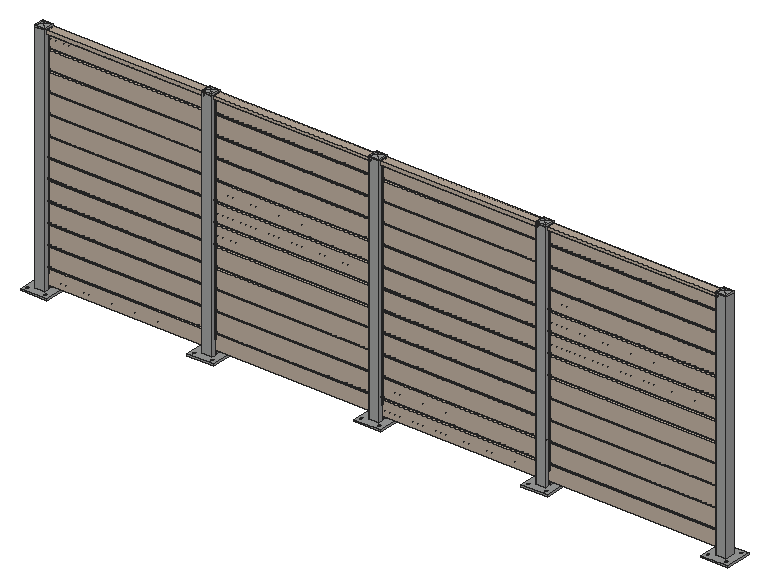
Revit family "Palmshield-Mercury-Solid-Aluminum-Array", category Specialty Equipment, Revit 2024 (continued)
Definition of nested family "Nested-Square_Post-Palmshield-Mercury_Economic-Solid-Vinyl"
  Forms (in)
    Extrusion 4, solid, material <- "Material", visible <- "End Post"
      sketch origin (0, 0, 0) x (1, 0, 0) y (0, 1, 0)
        loop
          line (1.4375, 1.4375) -> (-1.4375, 1.4375) -> (-1.4375, 0.5625) -> (-0.9375, 0.5625) -> (-0.9375, -0.5625) -> (-1.4375, -0.5625) -> (-1.4375, -1.4375) -> (1.4375, -1.4375) -> (1.4375, 1.4375)
      from 0 to 52.86713
    Extrusion 5, void
      sketch origin (0, 0, 0) x (1, 0, 0) y (0, 1, 0)
        loop
          line (-1.5, 1.5) -> (-1.5, -1.5) -> (1.5, -1.5) -> (1.5, 1.5) -> (-1.5, 1.5)
        loop
          line (-2.25, 2.25) -> (-2.25, -2.25) -> (2.25, -2.25) -> (2.25, 2.25) -> (-2.25, 2.25)
      from -0.5 to 4.5
    Extrusion 6, solid, material <- "Material", visible <- "Corner Post Down"
      sketch origin (0, 0, 0) x (1, 0, 0) y (0, 1, 0)
        loop
          line (1.5, -1.5) -> (1.5, 1.5) -> (-1.5, 1.5) -> (-1.5, 0.5625) -> (-2, 0.5625) -> (-2, 0.5) -> (-1, 0.5) -> (-1, -0.5) -> (-2, -0.5) -> (-2, -0.5625) -> (-1.5, -0.5625) -> (-1.5, -1.5) -> (-0.5625, -1.5) -> (-0.5625, -2) -> (-0.5, -2) -> (-0.5, -1) -> (0.5, -1) -> (0.5, -2) -> (0.5625, -2) -> (0.5625, -1.5) -> (1.5, -1.5)
        loop
          line (-1.4375, -1.4375) -> (-0.5625, -1.4375) -> (-0.5625, -0.9375) -> (0.5625, -0.9375) -> (0.5625, -1.4375) -> (1.4375, -1.4375) -> (1.4375, 1.4375) -> (-1.4375, 1.4375) -> (-1.4375, 0.5625) -> (-0.9375, 0.5625) -> (-0.9375, -0.5625) -> (-1.4375, -0.5625) -> (-1.4375, -1.4375)
      from 0 to 52.86713
  Cuts and joins
    Extrusion 5 cuts Extrusion 3
    Extrusion 5 cuts Extrusion 2
    Extrusion 5 cuts Extrusion 4
    Extrusion 5 cuts Extrusion 6
  Lines and regions (in)
    reference lines
      curve 1: line (-3.81017, 0, -0.5) -> (3.68983, 0, -0.5)
      curve 2: line (-3.81017, 0, 4.5) -> (3.68983, 0, 4.5)
  Dimensions and locks (in)
    "Length": plane 4 to plane 2
    locked: plane 4 to plane 5 at 3
    locked: plane 2 to curve 1 at 0.5
    locked: curve 2 to curve 1 at 5
    aligned and locked: plane 2 to Extrusion 1
    aligned and locked: level to Extrusion 1
    aligned and locked: plane 4 to Extrusion 2
    aligned and locked: plane 4 to Extrusion 3
    aligned and locked: plane 4 to Extrusion 4
    aligned and locked: curve 1 to Extrusion 5
    aligned and locked: Extrusion 5 to curve 2
    aligned and locked: plane 4 to Extrusion 6
    aligned and locked: Extrusion 6 to plane 2
  Automatic sketch dimensions
    Extrusion 1 sketch curve to Extrusion 1 sketch curve = 8' - 0"  (x2)
    curve 2 to plane 6 = 0' - 2.31017"
    curve 1 to plane 6 = 0' - 2.31017"
    plane 7 to curve 2 = 0' - 2.18983"
    plane 7 to curve 1 = 0' - 2.18983"
    Extrusion 2 sketch curve to plane 6 = 0' - 0"  (x2)
    Extrusion 2 sketch curve to plane 7 = 0' - 0"  (x2)
    Extrusion 2 sketch curve to plane 9 = 0' - 0"
    Extrusion 2 sketch curve to plane 8 = 0' - 0"
    Extrusion 2 sketch curve to plane 6 = 0' - 0 1/2"  (x2)
    Extrusion 2 sketch curve to Extrusion 2 sketch curve = 0' - 0 1/16"  (x7)
    plane 6 to Extrusion 2 sketch curve = 0' - 0 1/16"
    Extrusion 2 sketch curve to Extrusion 2 sketch curve = 0' - 0 7/16"
    Extrusion 2 sketch curve to plane 7 = 0' - 0 9/16"
    Extrusion 2 sketch curve to plane 7 = 0' - 0 1/16"  (x2)
    plane 7 to Extrusion 2 sketch curve = 0' - 0 1/2"  (x2)
    plane 9 to Extrusion 2 sketch curve = 0' - 0 1/16"
    plane 1 "Center (Front/Back)" to Extrusion 2 sketch curve = 0' - 0 9/16"  (x4)
    Extrusion 2 sketch curve to plane 1 "Center (Front/Back)" = 0' - 0 1/2"  (x2)
    Extrusion 2 sketch curve to Extrusion 2 sketch curve = 0' - 0"  (x2)
    Extrusion 2 sketch curve to plane 8 = 0' - 0 1/16"
    Extrusion 3 sketch curve to plane 6 = 0' - 0"  (x2)
    Extrusion 3 sketch curve to plane 8 = 0' - 0"  (x2)
    Extrusion 3 sketch curve to plane 7 = 0' - 0"
    Extrusion 3 sketch curve to plane 9 = 0' - 0"
    Extrusion 3 sketch curve to plane 6 = 0' - 0 1/2"
    Extrusion 3 sketch curve to Extrusion 3 sketch curve = 0' - 0 1/2"
    plane 6 to Extrusion 3 sketch curve = 0' - 0 1/16"  (x2)
    Extrusion 3 sketch curve to Extrusion 3 sketch curve = 0' - 0 7/16"
    Extrusion 3 sketch curve to Extrusion 3 sketch curve = 0' - 0 1/16"  (x9)
    Extrusion 3 sketch curve to plane 3 "Center (Left/Right)" = 0' - 0 9/16"
    Extrusion 3 sketch curve to Extrusion 3 sketch curve = 0' - 0 3/8"  (x2)
    plane 3 "Center (Left/Right)" to Extrusion 3 sketch curve = 0' - 0 1/2"
    Extrusion 3 sketch curve to plane 8 = 0' - 0 1/16"
    Extrusion 3 sketch curve to plane 7 = 0' - 0 1/16"
    plane 9 to Extrusion 3 sketch curve = 0' - 0 1/16"
    plane 1 "Center (Front/Back)" to Extrusion 3 sketch curve = 0' - 0 9/16"
    Extrusion 3 sketch curve to Extrusion 3 sketch curve = 0' - 0"
    Extrusion 3 sketch curve to plane 1 "Center (Front/Back)" = 0' - 0 1/2"
    plane 8 to Extrusion 3 sketch curve = 0' - 0 1/2"  (x2)
    Extrusion 4 sketch curve to plane 6 = 0' - 0"  (x2)
    Extrusion 4 sketch curve to plane 7 = 0' - 0"
    Extrusion 4 sketch curve to plane 9 = 0' - 0"
    Extrusion 4 sketch curve to plane 8 = 0' - 0"
    Extrusion 4 sketch curve to Extrusion 4 sketch curve = 0' - 0 1/2"
    Extrusion 4 sketch curve to plane 6 = 0' - 0 1/2"
    plane 6 to Extrusion 4 sketch curve = 0' - 0 1/16"  (x2)
    Extrusion 4 sketch curve to Extrusion 4 sketch curve = 0' - 0 7/16"
    Extrusion 4 sketch curve to Extrusion 4 sketch curve = 0' - 0 1/16"  (x3)
    Extrusion 4 sketch curve to plane 7 = 0' - 0 1/16"
    plane 9 to Extrusion 4 sketch curve = 0' - 0 1/16"
    plane 1 "Center (Front/Back)" to Extrusion 4 sketch curve = 0' - 0 9/16"
    Extrusion 4 sketch curve to Extrusion 4 sketch curve = 0' - 0"  (x2)
    Extrusion 4 sketch curve to plane 1 "Center (Front/Back)" = 0' - 0 1/2"
    Extrusion 4 sketch curve to plane 8 = 0' - 0 1/16"
    Extrusion 5 sketch curve to plane 6 = 0' - 0"
    Extrusion 5 sketch curve to plane 7 = 0' - 0"
    Extrusion 5 sketch curve to plane 9 = 0' - 0"
    Extrusion 5 sketch curve to plane 8 = 0' - 0"
    Extrusion 5 sketch curve to plane 6 = 0' - 0 3/4"
    plane 7 to Extrusion 5 sketch curve = 0' - 0 3/4"
    Extrusion 5 sketch curve to plane 9 = 0' - 0 3/4"
    plane 8 to Extrusion 5 sketch curve = 0' - 0 3/4"
    Extrusion 6 sketch curve to plane 6 = 0' - 0"  (x2)
    Extrusion 6 sketch curve to plane 9 = 0' - 0"  (x2)
    Extrusion 6 sketch curve to plane 7 = 0' - 0"
    Extrusion 6 sketch curve to plane 8 = 0' - 0"
    Extrusion 6 sketch curve to plane 6 = 0' - 0 1/2"
    Extrusion 6 sketch curve to Extrusion 6 sketch curve = 0' - 0 1/2"  (x2)
    plane 6 to Extrusion 6 sketch curve = 0' - 0 1/16"  (x2)
    Extrusion 6 sketch curve to Extrusion 6 sketch curve = 0' - 0 7/16"  (x2)
    Extrusion 6 sketch curve to Extrusion 6 sketch curve = 0' - 0 1/16"  (x8)
    Extrusion 6 sketch curve to plane 3 "Center (Left/Right)" = 0' - 0 9/16"
    Extrusion 6 sketch curve to Extrusion 6 sketch curve = 0' - 0 3/8"  (x2)
    plane 3 "Center (Left/Right)" to Extrusion 6 sketch curve = 0' - 0 1/2"
    plane 9 to Extrusion 6 sketch curve = 0' - 0 1/16"  (x2)
    Extrusion 6 sketch curve to plane 7 = 0' - 0 1/16"
    Extrusion 6 sketch curve to plane 9 = 0' - 0 1/2"
    Extrusion 6 sketch curve to Extrusion 6 sketch curve = 0' - 0"
    Extrusion 6 sketch curve to plane 1 "Center (Front/Back)" = 0' - 0 1/2"
    Extrusion 6 sketch curve to plane 8 = 0' - 0 1/16"
Definition of nested family "Screening-Louver-Assembly-Panel-Palmshield-Mercury_Economic-Solid-Aluminum"
  Parameters (values of type "6063 T6 ALUM 6" TONGUE AND GROOVE INFILL")
    Width = 0' - 6"  # constant formula
    Warranty URL = "https://palmshieldlouvers.com/wp-content/uploads/2020/01/PalmSHIELD-Warranty-NO-SIGN-LINE.pdf"
    Version = "2020 - v1.0a"  # constant formula
    URL = "https://palmshieldlouvers.com/"
    Thickness = 0' - 0 15/16"  # constant formula
    Product Page URL = "Contact Manufacturer for More Information"
    Product Documentation Link = "Contact Manufacturer for More Information"
    Model = "Mercury Economic Solid"  # constant formula
    Material [instance] = none
    Manufacturer Phone Number = "531-329-4406 "  # constant formula
    Manufacturer Fax Number = "Consult Manufacturer Website for More Information"  # constant formula
    Manufacturer Email = "mailto: info@palmshieldlouvers.com"
    Manufacturer Address = "12330 Cary Circle, La Vista, NE 68128"  # constant formula
    Manufacturer = "PalmSHIELD"  # constant formula
    Length [instance] = 4' - 4.86713"
    Keynote = "05 10 00"
    Instruction Sheet Link = "Contact Manufacturer for More Information"
    ID [instance] = ""
    Field Cut [instance] = no
    Desired Cut Distance [instance] = 0' - 1 3/4"
    Description = "Mercury Economic Solid - Louvers"  # constant formula
    Default Elevation = 4' - 0"
    Copyright = "Copyright ©2024 The American Fence Company and PalmSHIELD. All Rights Reserved."  # constant formula
    Component Name [instance] = "Mercury Economic Solid - Aluminum - Louvers"  # constant formula
    C Cut Distance [instance] = if(not(Field Cut), 0' 0 3/4", if(Field Cut, (if(Desired Cut Distance < 0' 0 3/4", 0' 0 3/4", if(Desired Cut Distance > 0' 6 3/4", 0' 6 3/4", Desired Cut Distance))), 0' 0 3/4"))  # 0' - 0 3/4"
    Assembly Code = "F1020100"
Definition of nested family "Screening-Louver-Assembly-Post-Palmshield-Mercury_Economic-Solid"
  Parameters (values of type "3" x 3" x 3/4"")
    Width = 0' - 3"  # constant formula
    Warranty URL = "https://palmshieldlouvers.com/wp-content/uploads/2020/01/PalmSHIELD-Warranty-NO-SIGN-LINE.pdf"
    Version = "2020 - v1.0a"  # constant formula
    URL = "https://palmshieldlouvers.com/"
    Thickness = 0' - 0 3/4"  # constant formula
    Product Page URL = "Contact Manufacturer for More Information"
    Product Documentation Link = "Contact Manufacturer for More Information"
    Model = "Mercury Economic Solid"  # constant formula
    Material [instance] = none
    Manufacturer Phone Number = "531-329-4406 "  # constant formula
    Manufacturer Fax Number = "Consult Manufacturer Website for More Information"  # constant formula
    Manufacturer Email = "mailto: info@palmshieldlouvers.com"
    Manufacturer Address = "12330 Cary Circle, La Vista, NE 68128"  # constant formula
    Manufacturer = "PalmSHIELD"  # constant formula
    Keynote = "05 10 00"
    ID [instance] = ""
    Description = "Mercury Economic Solid - Aluminum - Top Cap"  # constant formula
    Default Elevation = 4' - 0"
    Copyright = "©2023 The American Fence Company and PalmSHIELD. All Rights Reserved."  # constant formula
    Component Name [instance] = "Mercury Economic Solid - Aluminum - Top Cap"  # constant formula
    Assembly Code = "F1020100"
